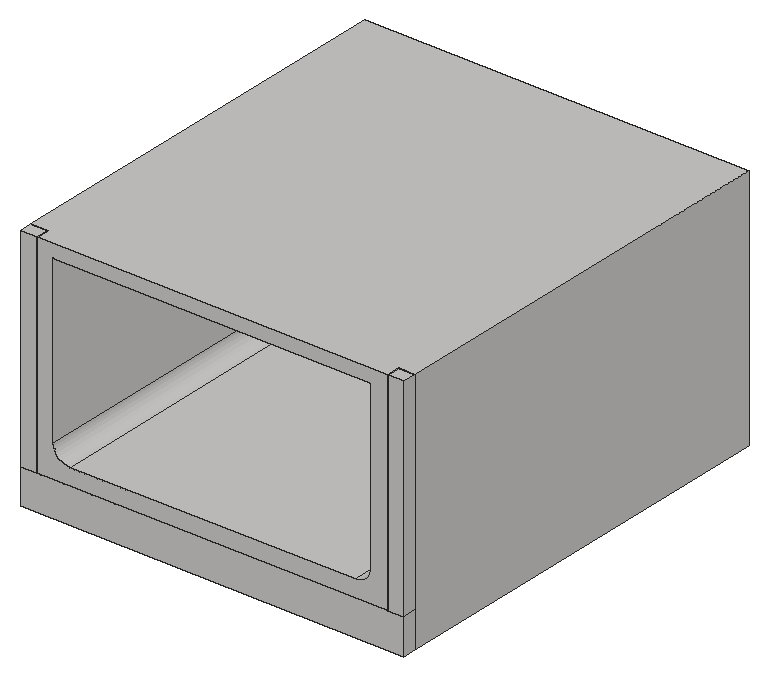
Revit family "QF_ELECTROLUXPROFESSIONAL_588659_MB1BCAGOOO", category Attrezzature speciali, Revit 2020
Family settings
  Quota connettore circolare = Usa diametro
  Tipo di parte = Normale
  Basato su piano di lavoro = No
  Sempre verticale = Sì
  Taglio con vuoti quando caricato = No
  Condiviso = No
  Punto di calcolo locali = No
Parameters (values of type "Standard")
  Weight = 20.00 kg
  Watts = 0 W
  Volts = 0 V
  URL Manufacturer = "https://www.electroluxprofessional.com/"
  URL = "https://www.electroluxprofessional.com/"
  Steam Supply Size = 0"
  Steam Supply Minimum Pressure = 0.00 psi
  Steam Supply Maximum Pressure = 0.00 psi
  Steam Consumption per Hour = 0
  Refrigeration Suction Line Size = 0 mm
  Refrigeration Liquid Line Size = 0 mm
  Refrigerant Compressor Remote = yes
  Prospetto di default = 0 mm
  Phase = 0
  Modello = "MB1BCAGOOO"
  Produttore = "Electrolux Professional"
  Length Actual = 700 mm  # constant formula
  Item Number = "588659"
  Hot Water Size = 0"
  Height Actual = 450 mm  # constant formula
  HP = "0 HP"
  Gas Size = 0"
  Gas KW = 0
  Gas Input Pressure = 0.0 Btu/h
  Direct Waste Size = 0"
  Descrizione = "OPEN BASE,GN,1-SIDE,H2-700X850X450H"
  Depth Actual = 850 mm  # constant formula
  Cycle = 0 Hz
  Condensate Return Size = 0"
  Compressed Air Volume = 0 GPM
  Compressed Air Size = 0"
  Compressed Air Pressure = 0.00 psi
  Cold Water Size = 0"
  Accessory = yes
Reference planes
  plane 1 "BACK": y = 0
  plane 2: z = 0
  plane 3 "LEFT": x = 0
  plane 4 "RIGHT": x = 700
  plane 5 "FRONT": y = -850
  plane 6 "PLAIN": z = 900
  plane 7 "Center (Left/Right)": x = 350
  plane 8 "Center (Front/Back)": y = -425
  plane 9 "TOP": z = 650
  plane 10 "BASE": z = 200
  plane 11: x = 622
  plane 12: x = 78
  plane 13 "Feet_back": y = -150
  plane 14 "Feet_Front": y = -720
  plane 15: x = 30
  plane 16: x = 670
  plane 17: z = 265
  plane 18: y = -45
  plane 19: y = -805
  plane 20: y = -70
  plane 21: y = -830
  plane 22 "ButtonZ": z = 590
Forms (mm)
  Extrusion 1, solid, material "QF_Finishes_Stainless Steel"
    sketch origin (0, 0, 650) x (0, 1, 0) y (0, 0, 1)
      loop
        line (-45, -450) -> (-45, 0) -> (-805, 0) -> (-805, -450) -> (-45, -450)
    from 0 to 700
  Extrusion 2, solid, material "QF_Finishes_Stainless Steel"
    sketch origin (0, 0, 650) x (0, 1, 0) y (0, 0, 1)
      loop
        line (-830, -450) -> (-805, -450) -> (-805, -385) -> (-830, -385) -> (-830, -450)
    from 0 to 700
  Extrusion 3, void
    sketch origin (0, -850, 0) x (1, 0, 0) y (0, 0, 1)
      loop
        line (30, 650) -> (30, 265) -> (670, 265) -> (670, 650) -> (30, 650)
    from 0 to -780
  Extrusion 4, solid, material "QF_Finishes_Stainless Steel"
    sketch origin (0, -850, 0) x (1, 0, 0) y (0, 0, 1)
      loop
        line (60, 650) -> (60, 627) -> (640, 627) -> (640, 650) -> (60, 650)
    from -20 to -805
  Extrusion 5, solid, material "QF_Finishes_Stainless Steel"
    sketch origin (0, -850, 0) x (1, 0, 0) y (0, 0, 1)
      loop
        line (30, 650) -> (30, 265) -> (670, 265) -> (670, 650) -> (640, 650) -> (640, 325)
        arc (640, 325) -> (631.213, 303.787) -> (610, 295) r 30
        line (610, 295) -> (90, 295)
        arc (90, 295) -> (68.787, 303.787) -> (60, 325) r 30
        line (60, 325) -> (60, 650) -> (30, 650)
    from -20 to -780
  Extrusion 6, solid, material "QF_Finishes_Stainless Steel"
    sketch origin (0, -850, 0) x (1, 0, 0) y (0, 0, 1)
      loop
        line (0, 650) -> (0, 265) -> (30, 265) -> (30, 650) -> (0, 650)
    from -20 to -45
  Extrusion 7, solid, material "QF_Finishes_Stainless Steel"
    sketch origin (0, -850, 0) x (1, 0, 0) y (0, 0, 1)
      loop
        line (670, 650) -> (670, 265) -> (700, 265) -> (700, 650) -> (670, 650)
    from -20 to -45
Cuts and joins
  Extrusion 3 cuts Extrusion 1
  joined: Extrusion 1, Extrusion 4, Extrusion 5
Lines and regions (mm)
  symbolic lines, style "SpecialityEquipmentHiddenLines"
    curve 1: line (0, 0, 0) -> (700, 0, 0)
    curve 2: line (0, -850, 0) -> (0, 0, 0)
    curve 3: line (700, -850, 0) -> (0, -850, 0)
    curve 4: line (700, 0, 0) -> (700, -850, 0)
Dimensions and locks
  plane 3 "LEFT" to plane 4 "RIGHT" = 700 mm
  plane 5 "FRONT" to plane 1 "BACK" = 850 mm
  equal spacing: plane 3 "LEFT", plane 7 "Center (Left/Right)", plane 4 "RIGHT"
  equal spacing: plane 5 "FRONT", plane 8 "Center (Front/Back)", plane 1 "BACK"
  plane 6 "PLAIN" to plane 9 "TOP" = 250 mm
  plane 10 "BASE" to level = 200 mm
  plane 9 "TOP" to plane 10 "BASE" = 450 mm
  locked: plane 1 "BACK" to plane 13 "Feet_back" at 150
  locked: plane 14 "Feet_Front" to plane 5 "FRONT" at 130
  locked: plane 12 to plane 3 "LEFT" at 78
  locked: plane 11 to plane 4 "RIGHT" at 78
  plane 16 to plane 15 = 640 mm
  equal spacing: plane 16, plane 7 "Center (Left/Right)", plane 15
  locked: plane 17 to plane 10 "BASE" at 65
  locked: plane 1 "BACK" to plane 18 at 45
  plane 9 "TOP" to Extrusion 4 sketch curve = 23 mm
  locked: Extrusion 4 sketch curve to plane 15 at 30
  locked: plane 16 to Extrusion 4 sketch curve at 30
  locked: Extrusion 5 sketch curve to plane 17 at 30
  plane 6 "PLAIN" to level = 900 mm
  Extrusion 5 to Extrusion 5 = 580 mm
  locked: plane 18 to plane 20 at 25
  locked: plane 21 to plane 5 "FRONT" at 20
  locked: plane 19 to plane 21 at 25
  plane 18 to plane 21 = 785 mm
  plane 22 "ButtonZ" to level = 590 mm
  aligned and locked: level to plane 2
  aligned and locked: Extrusion 1 to plane 4 "RIGHT"
  aligned and locked: Extrusion 1 to plane 3 "LEFT"
  aligned and locked: Extrusion 2 to plane 4 "RIGHT"
  aligned and locked: plane 9 "TOP" to Extrusion 3 sketch curve
  aligned and locked: Extrusion 3 sketch curve to plane 15
  aligned and locked: plane 16 to Extrusion 3 sketch curve
  aligned and locked: Extrusion 2 to plane 10 "BASE"
  aligned and locked: Extrusion 2 to plane 17
  aligned and locked: plane 17 to Extrusion 3 sketch curve
  aligned and locked: Extrusion 4 to plane 18
  aligned and locked: Extrusion 5 sketch curve to plane 15
  aligned and locked: plane 16 to Extrusion 5 sketch curve
  aligned and locked: plane 9 "TOP" to Extrusion 5 sketch curve  (x2)
  aligned and locked: plane 17 to Extrusion 5 sketch curve
  aligned and locked: Extrusion 5 sketch curve to Extrusion 4  (x2)
  aligned and locked: Extrusion 6 sketch curve to plane 9 "TOP"
  aligned and locked: plane 3 "LEFT" to Extrusion 6 sketch curve
  aligned and locked: Extrusion 6 sketch curve to plane 17
  aligned and locked: Extrusion 6 sketch curve to plane 15
  aligned and locked: Extrusion 7 sketch curve to plane 9 "TOP"
  aligned and locked: plane 16 to Extrusion 7 sketch curve
  aligned and locked: Extrusion 7 sketch curve to plane 17
  aligned and locked: plane 4 "RIGHT" to Extrusion 7 sketch curve
  aligned and locked: Extrusion 5 to plane 20
  aligned and locked: cut or joined group of Extrusion 1, Extrusion 3, Extrusion 4, Extrusion 5 to plane 20
  aligned and locked: cut or joined group of Extrusion 1, Extrusion 3, Extrusion 4, Extrusion 5 to plane 18
  aligned and locked: Extrusion 6 to plane 19
  aligned and locked: plane 21 to Extrusion 6
  aligned and locked: plane 21 to Extrusion 5
  aligned and locked: plane 21 to Extrusion 7
  aligned and locked: Extrusion 7 to plane 19
  aligned and locked: Extrusion 2 to plane 19
  aligned and locked: plane 21 to Extrusion 2
  aligned and locked: plane 21 to cut or joined group of Extrusion 1, Extrusion 3, Extrusion 4, Extrusion 5
Automatic sketch dimensions
  Extrusion 1 sketch curve to plane 10 "BASE" = 0 mm
  Extrusion 1 sketch curve to plane 9 "TOP" = 0 mm
  plane 1 "BACK" to Extrusion 1 sketch curve = 45 mm
  Extrusion 1 sketch curve to plane 5 "FRONT" = 45 mm
  Extrusion 2 sketch curve to plane 5 "FRONT" = 20 mm
  Extrusion 2 sketch curve to plane 9 "TOP" = 385 mm
  plane 10 "BASE" to Extrusion 2 sketch curve = 0 mm
  Extrusion 2 sketch curve to plane 5 "FRONT" = 45 mm
  Extrusion 4 sketch curve to plane 9 "TOP" = 0 mm
  Extrusion 5 sketch curve to Extrusion 5 sketch curve = 30 mm  (x2)
  curve 3 to plane 3 "LEFT" = 0 mm
  curve 3 to plane 4 "RIGHT" = 0 mm
  plane 5 "FRONT" to curve 3 = 0 mm
  plane 1 "BACK" to curve 2 = 0 mm
